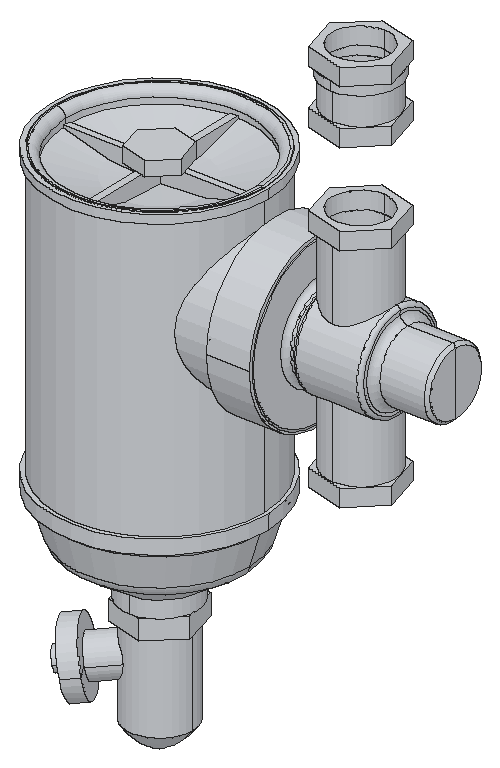
Revit family "Magnetic Dirt-Separator - R146CX005", category Plumbing Fixtures, Revit 2015
Reference planes
  plane 1 "Center (Front/Back)": y = 0
  plane 2: z = 0
  plane 3 "Center (Left/Right)": x = 0
  plane 4: y = 27.082
  plane 5: y = -27.082
  plane 6: x = 36.5
  plane 7: x = 103
  plane 8: z = 186
  plane 9: x = -36.5
  plane 10: x = 70
  plane 11: z = 148.25
  plane 12: z = 191.25
  plane 13: z = 105.25
Forms (mm)
  Revolve 1, solid
    sketch origin (0, 0, 3) x (1, 0, 0) y (0, 0, 1)
      loop
        line (-36.5, 183) -> (-36.5, 77) -> (-35.09, 74.687) -> (-31.471, 62.96)
        arc (-31.471, 62.96) -> (-30.58, 61.083) -> (-29.09, 59.634) r 5.868
        line (-29.09, 59.634) -> (-13.523, 49.134) -> (0, 49.134) -> (0, 172.402)
        arc (0, 172.402) -> (-16.677, 173.487) -> (-32.806, 177.865) r 83.662
        line (-32.806, 177.865) -> (-32.806, 180)
        arc (-32.806, 180) -> (-33.624, 182.115) -> (-35.713, 183) r 2.909
        line (-35.713, 183) -> (-36.5, 183)
      axis (0, 183) -> (0, 49.134)
    angle from 0 to 360
  Extrusion 2, solid
    sketch origin (0, 0, 31.542) x (0, -1, 0) y (1, 0, 0)
      loop
        line (-9.899, 9.899) -> (-13.523, -3.623) -> (-3.623, -13.523) -> (9.899, -9.899) -> (13.523, 3.623) -> (3.623, 13.523) -> (-9.899, 9.899)
    from 7.343 to 14.343
  Extrusion 3, solid
    sketch origin (0, 0, 49.331) x (0, -1, 0) y (1, 0, 0)
      loop
        circle (0, 0) r 13
    from -3.447 to 2.803
  Extrusion 4, solid
    sketch origin (-30.731, 0, -290.013) x (0, 1, 0) y (0, 0, -1)
      loop
        circle (0, -438.263) r 30
    from -86.087 to -71.087
  Revolve 5, solid
    sketch origin (0, 0, -49.134) x (1, 0, 0) y (0, 0, 1)
      loop
        line (-11.5, 88.019) -> (-11.5, 57.028)
        arc (-11.5, 57.028) -> (-7.799, 52.493) -> (-3.006, 49.134) r 21.355
        line (-3.006, 49.134) -> (0, 49.134) -> (0, 88.019) -> (-11.5, 88.019)
      axis (0, 88.019) -> (0, 49.134)
    angle from 0 to 360
  Extrusion 6, solid
    sketch origin (70, 0, 235.227) x (0, -1, 0) y (1, 0, 0)
      loop
        circle (0, 0) r 12.857
      loop
        circle (0, 0) r 10
    from -1.736 to 1.264
  Extrusion 7, solid
    sketch origin (70, 0, 111.947) x (0, -1, 0) y (1, 0, 0)
      loop
        circle (0, 0) r 12
      loop
        circle (0, 0) r 10
    from -0.697 to 28.01
  Extrusion 8, solid
    sketch origin (70, 0, 97.907) x (1, 0, 0) y (0, 1, 0)
      loop
        line (10.102, 10.102) -> (-3.697, 13.799) -> (-13.799, 3.697) -> (-10.102, -10.102) -> (3.697, -13.799) -> (13.799, -3.697) -> (10.102, 10.102)
      loop
        circle (0, 0) r 10
    from 7.343 to 13.343
  Revolve 9, solid
    sketch origin (-18.154, -10.481, 25.295) x (-0.852869, -0.492404, -0.173648) y (0.5, -0.866025, 0)
      loop
        line (-1.249, 12.541) -> (-1.249, 7) -> (-22.405, 7) -> (-22.405, 0) -> (8.073, 0) -> (8.073, 3.887) -> (6.579, 3.887) -> (6.579, 2.2) -> (4.751, 2.2) -> (4.751, 12.541) -> (-1.249, 12.541)
      axis (-22.405, 0) -> (8.073, 0)
    angle from 0 to 360
  Revolve 10, solid
    sketch origin (0, 0, 37.5) x (1, 0, 0) y (0, 0, 1)
      loop
        line (101.9, 122.875) -> (86.347, 122.875)
        arc (86.347, 122.875) -> (84.484, 123.636) -> (83.687, 125.484) r 2.661
        line (83.687, 125.484) -> (83.687, 126.449)
        arc (83.687, 126.449) -> (83.279, 127.433) -> (82.294, 127.841) r 1.392
        line (82.294, 127.841) -> (61.063, 127.841)
        arc (61.063, 127.841) -> (60.676, 127.707) -> (60.454, 127.363) r 0.627
        arc (60.454, 127.363) -> (59.746, 126.267) -> (58.512, 125.841) r 2
        line (58.512, 125.841) -> (57.668, 125.841)
        arc (57.668, 125.841) -> (56.254, 126.427) -> (55.668, 127.841) r 2
        line (55.668, 127.841) -> (55.668, 139.338)
        arc (55.668, 139.338) -> (55.46, 139.842) -> (54.956, 140.05) r 0.712
        line (54.956, 140.05) -> (40.808, 140.05)
        arc (40.808, 140.05) -> (40.275, 139.879) -> (39.941, 139.429) r 0.916
        line (39.941, 139.429) -> (39.941, 137.995) -> (39.465, 136.687) -> (17.439, 136.687) -> (17.439, 110.75) -> (103, 110.75) -> (103, 121.775) -> (101.9, 122.875)
      axis (103, 110.75) -> (17.439, 110.75)
    angle from 0 to 360
  Extrusion 11, solid
    sketch origin (0, 0, 183) x (1, 0, 0) y (0, 1, 0)
      loop
        circle (0, 0) r 38
      loop
        circle (0, 0) r 36.5
    from 0 to 3
  Extrusion 12, solid
    sketch origin (0, 0, 79.874) x (1, 0, 0) y (0, 1, 0)
      loop
        circle (0, 0) r 38
      loop
        circle (0, 0) r 36.5
    from 0 to 5
  Extrusion 13, solid
    sketch origin (0, 0, 175.681) x (1, 0, 0) y (0, 1, 0)
      loop
        line (7.071, 7.071) -> (-2.588, 9.659) -> (-9.659, 2.588) -> (-7.071, -7.071) -> (2.588, -9.659) -> (9.659, -2.588) -> (7.071, 7.071)
    from 5.931 to 10.931
  Extrusion 14, solid
    sketch origin (0, 0, -1.465) x (1, 0, 0) y (0, 1, 0)
      loop
        line (-1.239, 0) -> (1.263, 0) -> (1.263, 33.348)
        arc (1.263, 33.348) -> (0.013, 33.417) -> (-1.239, 33.386) r 15.869
        line (-1.239, 33.386) -> (-1.239, 0)
    from 176.867 to 183.094
  Extrusion 15, solid
    sketch origin (0.012, 0.012, -1.465) x (-0.001802, -0.999998, 0) y (0.999998, -0.001802, 0)
      loop
        line (-1.239, 0) -> (1.263, 0) -> (1.263, 33.348)
        arc (1.263, 33.348) -> (0.013, 33.417) -> (-1.239, 33.386) r 15.869
        line (-1.239, 33.386) -> (-1.239, 0)
    from 176.867 to 183.094
  Extrusion 16, solid
    sketch origin (0.024, 0, -1.465) x (-0.999994, 0.003605, 0) y (-0.003605, -0.999994, 0)
      loop
        line (-1.239, 0) -> (1.263, 0) -> (1.263, 33.348)
        arc (1.263, 33.348) -> (0.013, 33.417) -> (-1.239, 33.386) r 15.869
        line (-1.239, 33.386) -> (-1.239, 0)
    from 176.867 to 183.094
  Extrusion 17, solid
    sketch origin (0.012, -0.012, -1.465) x (0.005407, 0.999985, 0) y (-0.999985, 0.005407, 0)
      loop
        line (-1.239, 0) -> (1.263, 0) -> (1.263, 33.348)
        arc (1.263, 33.348) -> (0.013, 33.417) -> (-1.239, 33.386) r 15.869
        line (-1.239, 33.386) -> (-1.239, 0)
    from 176.867 to 183.094
  Extrusion 18, solid
    sketch origin (70, 0, 177.907) x (1, 0, 0) y (0, 1, 0)
      loop
        line (10.102, 10.102) -> (-3.697, 13.799) -> (-13.799, 3.697) -> (-10.102, -10.102) -> (3.697, -13.799) -> (13.799, -3.697) -> (10.102, 10.102)
      loop
        circle (0, 0) r 10
    from 7.343 to 13.343
  Extrusion 19, solid
    sketch origin (70, 0, 210.149) x (1, 0, 0) y (0, 1, 0)
      loop
        line (10.102, 10.102) -> (-3.697, 13.799) -> (-13.799, 3.697) -> (-10.102, -10.102) -> (3.697, -13.799) -> (13.799, -3.697) -> (10.102, 10.102)
      loop
        circle (0, 0) r 10
    from 7.343 to 13.343
  Extrusion 20, solid
    sketch origin (70, 0, 229.149) x (1, 0, 0) y (0, 1, 0)
      loop
        line (10.102, 10.102) -> (-3.697, 13.799) -> (-13.799, 3.697) -> (-10.102, -10.102) -> (3.697, -13.799) -> (13.799, -3.697) -> (10.102, 10.102)
      loop
        circle (0, 0) r 10
    from 7.343 to 13.343
  Extrusion 21, solid
    sketch origin (70, 0, 157.24) x (0, -1, 0) y (1, 0, 0)
      loop
        circle (0, 0) r 12
      loop
        circle (0, 0) r 10
    from -0.697 to 28.01
  Extrusion 22, solid
    sketch origin (70, 0, 205.481) x (0, -1, 0) y (1, 0, 0)
      loop
        circle (0, 0) r 12
      loop
        circle (0, 0) r 10
    from 18.01 to 28.01
Dimensions and locks
  level to plane 8 = 186 mm
  Revolve 1 sketch curve to Revolve 1 sketch curve = 36.5 mm
  plane 6 to plane 9 = 73 mm
  Revolve 5 sketch curve to Revolve 5 sketch curve = 11.5 mm
  plane 10 to plane 3 "Center (Left/Right)" = 70 mm
  plane 7 to plane 10 = 33 mm
  plane 9 to plane 7 = 139.5 mm
  plane 11 to plane 12 = 43 mm
  plane 13 to plane 11 = 43 mm
  Revolve 10 sketch curve to Revolve 10 sketch curve = 12.125 mm
  aligned and locked: level to plane 2
